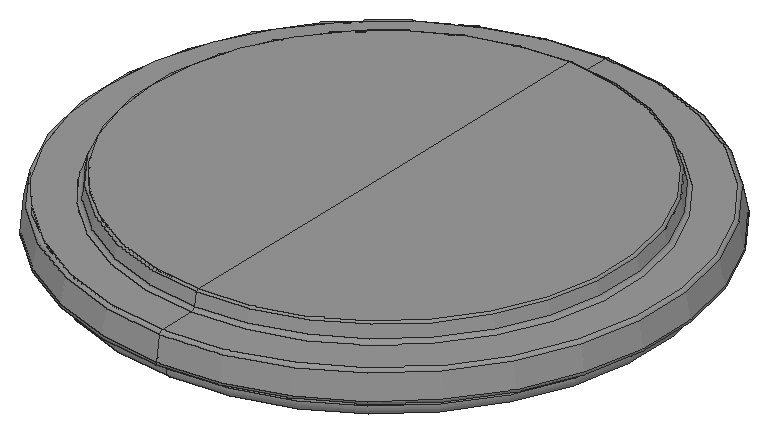
Revit family "FMK13_63_UN_Surface-mounted_ETK", category Lighting Fixtures, Revit 2017 (continued)
Definition of nested family "FMK.1 - Lightsource"
  Types (13, lengths in mm): name | Wattage Comments | Photometric Web File | built-in parameter 1150142 | Apparent Load
    FMK.1139.10N - Ø250x48 / 12W | "12W" | "FMK.1139.10n.ies" | "IESNA:LM-63-2002\r\n[TEST] /2015\r\n[TESTLAB] ies2eulumdat.appspot.com\r\n[ISSUEDATE] 2021-06-16T09:00:21.829\r\n[MANUFAC] www.etk.nl\r\n[LUMCAT] FMK.1109.10\r\n[LUMINAIRE] FMK.1 LED 12W 3000/4000/5700K ø250 niet dimbaar\r\n[LAMPCAT] LED\r\n[LAMP] LED\r\nTILT=NONE\r\n1\t1150\t1\t46\t180\t1\t2\t-0.250\t-0.250\t0\r\n1.0\t1.0\t11.80\r\n0\t 2\t 4\t 6\t 8\t 10\t 12\t 14\t 16\t 18\r\n20\t 22\t 24\t 26\t 28\t 30\t 32\t 34\t 36\t 38\r\n40\t 42\t 44\t 46\t 48\t 50\t 52\t 54\t 56\t 58\r\n60\t 62\t 64\t 66\t 68\t 70\t 72\t 74\t 76\t 78\r\n80\t 82\t 84\t 86\t 88\t 90\r\n0\t 2\t 4\t 6\t 8\t 10\t 12\t 14\t 16\t 18\r\n20\t 22\t 24\t 26\t 28\t 30\t 32\t 34\t 36\t 38\r\n40\t 42\t 44\t 46\t 48\t 50\t 52\t 54\t 56\t 58\r\n60\t 62\t 64\t 66\t 68\t 70\t 72\t 74\t 76\t 78\r\n80\t 82\t 84\t 86\t 88\t 90\t 92\t 94\t 96\t 98\r\n100\t 102\t 104\t 106\t 108\t 110\t 112\t 114\t 116\t 118\r\n120\t 122\t 124\t 126\t 128\t 130\t 132\t 134\t 136\t 138\r\n140\t 142\t 144\t 146\t 148\t 150\t 152\t 154\t 156\t 158\r\n160\t 162\t 164\t 166\t 168\t 170\t 172\t 174\t 176\t 178\r\n180\t 182\t 184\t 186\t 188\t 190\t 192\t 194\t 196\t 198\r\n200\t 202\t 204\t 206\t 208\t 210\t 212\t 214\t 216\t 218\r\n220\t 222\t 224\t 226\t 228\t 230\t 232\t 234\t 236\t 238\r\n240\t 242\t 244\t 246\t 248\t 250\t 252\t 254\t 256\t 258\r\n260\t 262\t 264\t 266\t 268\t 270\t 272\t 274\t 276\t 278\r\n280\t 282\t 284\t 286\t 288\t 290\t 292\t 294\t 296\t 298\r\n300\t 302\t 304\t 306\t 308\t 310\t 312\t 314\t 316\t 318\r\n320\t 322\t 324\t 326\t 328\t 330\t 332\t 334\t 336\t 338\r\n340\t 342\t 344\t 346\t 348\t 350\t 352\t 354\t 356\t 358\r\n\r\n405.3384\t404.7765\t404.2265\t402.9975\t401.1013\t399.2051\t395.3191\t391.4331\t387.5471\t383.661\r\n379.7751\t373.4779\t367.169\t360.8717\t354.5746\t348.2657\t339.7094\t331.1415\t322.5852\t314.029\r\n305.461\t294.8096\t284.1582\t273.5069\t262.8555\t252.2041\t239.7267\t227.261\t214.7837\t202.3181\r\n189.8525\t177.3751\t164.9094\t152.432\t139.9664\t127.4891\t0\t0\t0\t0\r\n0\t0\t0\t0\t0\t0\r\n405.3384\t404.7925\t404.2577\t403.0448\t401.1686\t399.2994\t395.4335\t391.5606\t387.7102\t383.8203\r\n379.9334\t373.6444\t367.3443\t361.0453\t354.7325\t348.4388\t339.8983\t331.3616\t322.8117\t314.2627\r\n305.722\t295.0872\t284.4404\t273.8022\t263.1576\t252.5163\t240.0548\t227.5873\t215.131\t202.664\r\n190.1945\t177.7378\t165.2697\t152.8012\t140.3312\t128.1946\t0.3296\t0\t0\t0\r\n0\t0\t0\t0\t0\t0\r\n405.3384\t404.8094\t404.2892\t403.0935\t401.2796\t399.4809\t395.6213\t391.7396\t387.8385\t383.9437\r\n380.072\t373.802\t367.5085\t361.2065\t354.9129\t348.6531\t340.137\t331.5961\t323.0451\t314.5012\r\n305.9895\t295.3818\t284.734\t274.0862\t263.4264\t252.8071\t240.376\t227.9231\t215.4572\t202.995\r\n190.53\t178.0631\t165.6056\t153.1389\t140.6717\t129.4859\t1.3419\t0\t0\t0\r\n0\t0\t0\t0\t0\t0\r\n405.3384\t404.8271\t404.3209\t403.1488\t401.3532\t399.5783\t395.7291\t391.8382\t387.9181\t384.0265\r\n380.1901\t373.9544\t367.6616\t361.3486\t355.0482\t348.8012\t340.3437\t331.8018\t323.2501\t314.6929\r\n306.2129\t295.662\t285.012\t274.3604\t263.7094\t253.1247\t240.74\t228.2758\t215.8122\t203.3491\r\n190.8749\t178.4127\t165.9503\t153.4898\t141.027\t131.3458\t3.1025\t0\t0\t0\r\n0\t0\t0\t0\t0\t0\r\n405.3384\t404.8458\t404.3591\t403.1978\t401.4167\t399.6486\t395.7816\t391.8937\t388.0038\t384.1068\r\n380.2987\t374.1143\t367.817\t361.5156\t355.2003\t348.9967\t340.5979\t332.043\t323.4957\t314.942\r\n306.4955\t295.9896\t285.3021\t274.6328\t263.9659\t253.4202\t241.0823\t228.6129\t216.1591\t203.6915\r\n191.2234\t178.7558\t166.3001\t153.8352\t141.371\t133.6544\t5.718\t0\t0\t0\r\n0\t0\t0\t0\t0\t0\r\n405.3384\t404.8652\t404.3908\t403.2459\t401.4706\t399.6646\t395.8675\t391.9843\t388.0857\t384.1821\r\n380.4316\t374.3456\t368.0256\t361.7021\t355.3697\t349.2\t340.8799\t332.2872\t323.6935\t315.0968\r\n306.6804\t296.3012\t285.6181\t274.9391\t264.248\t253.707\t241.4578\t228.9766\t216.4988\t204.0245\r\n191.5571\t179.0864\t166.6186\t154.1544\t141.6922\t136.24\t9.3369\t0\t0\t0\r\n0\t0\t0\t0\t0\t0\r\n405.3384\t404.8854\t404.4219\t403.2933\t401.5055\t399.7186\t395.9651\t392.0842\t388.1903\t384.3067\r\n380.5784\t374.5562\t368.2162\t361.8639\t355.4958\t349.3364\t341.1183\t332.5123\t323.9013\t315.2964\r\n306.9063\t296.6299\t285.9122\t275.1976\t264.4831\t253.9575\t241.8218\t229.3201\t216.8328\t204.3396\r\n191.8483\t179.3695\t166.8926\t154.4222\t141.9565\t138.8551\t14.1501\t0\t0\t0\r\n0\t0\t0\t0\t0\t0\r\n405.3384\t404.9066\t404.4521\t403.3398\t401.5506\t399.7766\t396.0731\t392.2029\t388.3231\t384.3922\r\n380.6589\t374.7488\t368.3792\t361.9898\t355.5837\t349.4181\t341.3685\t332.7528\t324.1099\t315.4532\r\n307.0598\t296.9581\t286.2249\t275.4731\t264.7159\t254.1799\t242.1928\t229.6762\t217.1659\t204.6692\r\n192.1717\t179.6758\t167.1817\t154.6978\t142.2295\t141.3105\t20.401\t0\t0\t0\r\n0\t0\t0\t0\t0\t0\r\n405.3384\t404.9688\t404.4817\t403.3908\t401.5946\t399.8358\t396.2032\t392.3475\t388.4203\t384.4425\r\n380.7195\t374.9437\t368.5473\t362.1238\t355.6851\t349.5134\t341.9282\t332.9785\t324.3069\t315.6402\r\n306.9436\t297.5694\t286.5262\t275.7395\t264.9593\t254.1623\t242.7912\t230.0358\t217.5005\t204.986\r\n192.4711\t179.9636\t167.4644\t154.9748\t142.4941\t143.2492\t28.3764\t0\t0\t0\r\n0\t0\t0\t0\t0\t0\r\n405.3384\t404.9901\t404.5102\t403.434\t401.6375\t399.8986\t396.3675\t392.4653\t388.4946\t384.4886\r\n380.7515\t375.1532\t368.7296\t362.2829\t355.7949\t349.2691\t342.1908\t333.257\t324.528\t315.7751\r\n307.0363\t297.9246\t286.8722\t276.0236\t265.1733\t254.3419\t243.18\t230.433\t217.8766\t205.3224\r\n192.7845\t180.2462\t167.7206\t155.2142\t142.724\t144.3059\t38.4235\t0\t0\t0\r\n0\t0\t0\t0\t0\t0\r\n405.3384\t405.0108\t404.5376\t403.4745\t401.6757\t399.9613\t396.5103\t392.5677\t388.5717\t384.5293\r\n380.4421\t375.6788\t368.9428\t362.4278\t355.8852\t349.3419\t342.4468\t333.4846\t324.7196\t315.9401\r\n307.1422\t298.1755\t287.1691\t276.2852\t265.4162\t254.5351\t243.54\t230.8321\t218.2158\t205.6051\r\n193.0422\t180.5018\t167.9628\t155.4439\t142.9509\t130.4715\t80.1717\t0\t0\t0\r\n0\t0\t0\t0\t0\t0\r\n405.3384\t405.0308\t404.5638\t403.5122\t401.7197\t400.0344\t396.6479\t392.675\t388.642\t384.5539\r\n380.446\t375.8849\t369.1475\t362.5941\t356.0076\t349.3402\t342.606\t333.7678\t324.9507\t316.0958\r\n307.1888\t298.3823\t287.5427\t276.5987\t265.6547\t254.6769\t243.7733\t231.1892\t218.5583\t205.9536\r\n193.3574\t180.7795\t168.2176\t155.6732\t143.1664\t130.6811\t92.6587\t0\t0\t0\r\n0\t0\t0\t0\t0\t0\r\n405.3384\t405.0504\t404.5956\t403.547\t401.7653\t400.0733\t397.0342\t392.7846\t388.7175\t384.6009\r\n380.4658\t376.0643\t369.3866\t362.7735\t356.0799\t349.3699\t342.7566\t334.0832\t325.1628\t316.2179\r\n307.2752\t298.5357\t287.9146\t276.8913\t265.8705\t254.8646\t244.0337\t231.6235\t218.9315\t206.265\r\n193.6356\t181.0339\t168.4572\t155.9156\t143.3861\t130.8825\t104.473\t0\t0\t0\r\n0\t0\t0\t0\t0\t0\r\n405.3384\t405.0692\t404.6173\t403.5726\t401.812\t400.0922\t397.1653\t392.8976\t388.795\t384.6787\r\n380.4567\t376.1942\t369.6246\t362.9226\t356.2055\t349.4272\t342.8367\t334.3769\t325.3805\t316.3703\r\n307.3625\t298.3377\t288.5546\t277.2123\t266.1258\t255.0391\t244.1559\t232.0335\t219.3073\t206.6258\r\n193.9576\t181.3129\t168.7045\t156.1324\t143.5875\t131.0872\t115.0185\t0\t0\t0\r\n0\t0\t0\t0\t0\t0\r\n405.3384\t405.0876\t404.6362\t403.6022\t401.8688\t399.828\t397.2783\t392.9976\t388.9023\t384.7385\r\n380.4432\t376.2623\t369.8607\t363.1303\t356.3361\t349.4819\t342.5273\t334.9205\t325.6274\t316.563\r\n307.4647\t298.325\t288.8953\t277.552\t266.3836\t255.2249\t244.066\t232.6598\t219.71\t206.9637\r\n194.2635\t181.5828\t168.9417\t156.3369\t143.7678\t131.2452\t123.6219\t0\t0\t0\r\n0\t0\t0\t0\t0\t0\r\n405.3384\t405.1054\t404.6527\t403.6299\t401.9954\t399.8313\t397.3825\t393.1311\t389.0376\t384.7914\r\n380.4256\t376.2601\t370.1442\t363.3441\t356.5\t349.5195\t342.4467\t335.1645\t325.9313\t316.7695\r\n307.548\t298.3169\t289.1161\t277.9297\t266.651\t255.4032\t244.1853\t232.9715\t220.1319\t207.3312\r\n194.5444\t181.8166\t169.148\t156.5181\t143.9438\t131.4005\t129.5504\t10.7169\t0\t0\r\n0\t0\t0\t0\t0\t0\r\n405.3384\t405.1227\t404.6665\t403.6558\t402.0282\t399.8387\t397.4732\t393.2952\t389.1616\t384.8421\r\n380.4176\t375.9014\t370.721\t363.6037\t356.6569\t349.5494\t342.4061\t335.3294\t326.2421\t316.9739\r\n307.6665\t298.3454\t289.1781\t278.2878\t266.963\t255.6467\t244.3238\t233.1536\t220.5163\t207.6577\r\n194.8355\t182.0686\t169.3482\t156.6677\t144.0408\t131.4715\t131.8453\t25.923\t0\t0\r\n0\t0\t0\t0\t0\t0\r\n405.3384\t405.1396\t404.6776\t403.6776\t402.0538\t399.8619\t397.5341\t393.5083\t389.2881\t384.8846\r\n380.4261\t375.832\t370.9139\t363.9038\t356.8028\t349.6355\t342.4017\t335.332\t326.5796\t317.2212\r\n307.8198\t298.3417\t288.8594\t278.9905\t267.339\t255.8866\t244.4302\t233.0061\t221.1259\t208.0094\r\n195.1274\t182.2902\t169.5075\t156.7928\t144.1389\t131.538\t118.9821\t72.5747\t0\t0\r\n0\t0\t0\t0\t0\t0\r\n405.3384\t405.1559\t404.686\t403.7113\t402.0482\t399.882\t397.6063\t393.7003\t389.4083\t384.9648\r\n380.4586\t375.7543\t371.0891\t364.165\t357.0131\t349.7518\t342.4103\t334.9484\t327.1548\t317.4999\r\n307.9709\t298.3923\t288.8332\t279.2321\t267.7019\t256.1485\t244.593\t233.049\t221.4516\t208.379\r\n195.4187\t182.5259\t169.6952\t156.9157\t144.2105\t131.5685\t118.9925\t91.6472\t0\t0\r\n0\t0\t0\t0\t0\t0\r\n405.3384\t405.1718\t404.6918\t403.7304\t402.0748\t399.9057\t397.6713\t393.8957\t389.5114\t385.088\r\n380.4979\t375.7076\t371.0587\t364.4889\t357.2386\t349.9042\t342.4218\t334.8539\t327.2884\t317.8216\r\n308.1836\t298.5219\t288.784\t279.2695\t268.1369\t256.4569\t244.7869\t233.1079\t221.6219\t208.7797\r\n195.7476\t182.7712\t169.842\t157.0084\t144.2669\t131.5897\t118.9856\t106.3522\t0\t0\r\n0\t0\t0\t0\t0\t0\r\n405.3384\t405.1872\t404.677\t403.7455\t402.1069\t399.9332\t397.7438\t394.3242\t389.6719\t385.2237\r\n380.5442\t375.6807\t370.6129\t365.0631\t357.5309\t350.0674\t342.4859\t334.7817\t327.2448\t318.4473\r\n308.4635\t298.6371\t288.784\t278.8955\t268.7927\t256.8209\t244.9966\t233.2361\t221.4851\t209.3772\r\n196.0586\t182.9925\t170.014\t157.1221\t144.303\t131.5659\t118.922\t115.4507\t0.7529\t0\r\n0\t0\t0\t0\t0\t0\r\n405.3384\t405.2023\t404.5924\t403.7567\t402.1445\t399.9518\t397.5215\t394.4699\t389.8906\t385.382\r\n380.6063\t375.6074\t370.4961\t365.1827\t357.8531\t350.2794\t342.5728\t334.767\t326.8088\t318.7303\r\n308.7717\t298.8224\t288.8326\t278.8036\t268.8778\t257.2662\t245.3121\t233.3885\t221.4719\t209.6291\r\n196.4163\t183.2663\t170.1886\t157.217\t144.3317\t131.5459\t118.8227\t106.1876\t17.4697\t0\r\n0\t0\t0\t0\t0\t0\r\n405.3384\t405.217\t404.5944\t403.7643\t402.2164\t399.9969\t397.5215\t394.5348\t390.1198\t385.5481\r\n380.6842\t375.579\t370.3695\t365.1761\t358.5091\t350.5396\t342.7377\t334.7731\t326.7113\t318.7291\r\n309.1553\t299.0695\t288.9289\t278.7193\t268.5571\t257.9194\t245.6422\t233.5555\t221.5159\t209.6959\r\n196.8141\t183.564\t170.3986\t157.3153\t144.3298\t131.4311\t118.6433\t105.963\t65.2493\t0\r\n0\t0\t0\t0\t0\t0\r\n405.3384\t405.2314\t404.597\t403.7683\t402.259\t400.1387\t397.5142\t394.6254\t390.3718\t385.7346\r\n380.7618\t375.6336\t370.2359\t364.7113\t358.7633\t350.8369\t342.942\t334.8576\t326.6208\t318.2983\r\n309.7123\t299.3766\t289.0811\t278.7695\t268.3526\t258.0866\t246.0418\t233.822\t221.6258\t209.5032\r\n197.3492\t183.8918\t170.5912\t157.4067\t144.3357\t131.3476\t118.48\t105.7362\t86.9291\t0\r\n0\t0\t0\t0\t0\t0\r\n405.3384\t405.2454\t404.6007\t403.7691\t402.2969\t400.2013\t397.5194\t394.7022\t390.8756\t385.9297\r\n380.8283\t375.6809\t370.2029\t364.5257\t358.7975\t351.2443\t343.1931\t334.9798\t326.6184\t318.1094\r\n309.6994\t299.7814\t289.3562\t278.8261\t268.235\t257.6488\t246.725\t234.1375\t221.8235\t209.5282\r\n197.4412\t184.2693\t170.8692\t157.5318\t144.3183\t131.2485\t118.3192\t105.4985\t99.8452\t0\r\n0\t0\t0\t0\t0\t0\r\n405.3384\t405.2465\t404.6055\t403.7327\t402.33\t400.28\t397.5374\t394.7758\t391.1064\t386.1222\r\n380.9814\t375.6963\t370.1916\t364.3689\t358.3019\t351.8681\t343.551\t335.1761\t326.6651\t318.0094\r\n309.224\t300.3263\t289.676\t278.9673\t268.2109\t257.4449\t246.79\t234.5954\t222.0662\t209.6096\r\n197.2538\t184.796\t171.1111\t157.6776\t144.3725\t131.1929\t118.1378\t105.2239\t92.4606\t7.417\r\n0\t0\t0\t0\t0\t0\r\n405.3384\t405.26\t404.6117\t403.7331\t402.3583\t400.3318\t397.5727\t394.5667\t391.2865\t386.3445\r\n381.2477\t375.7985\t370.1959\t364.244\t358.0878\t351.9228\t343.9437\t335.4465\t326.8059\t317.9911\r\n309.0489\t300.2024\t290.2985\t279.2004\t268.2951\t257.2789\t246.344\t235.2056\t222.4167\t209.7955\r\n197.2042\t184.8605\t171.4948\t157.9091\t144.4487\t131.1247\t117.9609\t104.9565\t92.1149\t52.9313\r\n0\t0\t0\t0\t0\t0\r\n405.3384\t405.2736\t404.6193\t403.7351\t402.3811\t400.3748\t397.6302\t394.5872\t391.3781\t386.8119\r\n381.4951\t375.9993\t370.2514\t364.1293\t357.9116\t351.3889\t344.5079\t335.822\t327.0416\t318.0736\r\n308.9557\t299.6921\t290.3569\t279.5927\t268.421\t257.3226\t246.1\t234.903\t222.8814\t210.0311\r\n197.2958\t184.6475\t172.0079\t158.165\t144.5452\t131.0796\t117.7978\t104.7315\t91.8426\t76.8551\r\n0\t0\t0\t0\t0\t0\r\n405.3384\t405.2871\t404.6284\t403.7382\t402.383\t400.4092\t397.8019\t394.6157\t391.382\t386.9759\r\n381.7537\t376.2214\t370.3501\t364.1175\t357.7917\t351.1064\t344.4201\t336.5393\t327.3814\t318.2587\r\n308.9705\t299.4656\t289.8818\t280.0753\t268.8078\t257.4031\t245.984\t234.5829\t223.2864\t210.4452\r\n197.4796\t184.6232\t171.8738\t158.4916\t144.6856\t131.1101\t117.7175\t104.5034\t91.5471\t87.0893\r\n0\t0\t0\t0\t0\t0\r\n405.3384\t405.3008\t404.6392\t403.7418\t402.3989\t400.4352\t397.8747\t394.6614\t391.0674\t387.1128\r\n382.2229\t376.4632\t370.4832\t364.2203\t357.7251\t350.8963\t343.8101\t336.6669\t327.8215\t318.561\r\n309.1145\t299.4337\t289.6313\t279.6987\t269.4041\t257.6346\t246.0417\t234.3777\t222.7877\t211.0609\r\n197.8041\t184.6956\t171.7174\t158.9026\t144.9461\t131.1605\t117.657\t104.3263\t91.2411\t78.3968\r\n8.6356\t0\t0\t0\t0\t0\r\n405.3384\t405.3146\t404.6518\t403.7453\t402.4116\t400.4333\t397.9374\t394.7255\t391.0189\t387.2362\r\n382.4741\t376.7553\t370.621\t364.3583\t357.712\t350.7498\t343.5434\t336.0689\t328.3754\t318.9975\r\n309.3575\t299.5473\t289.484\t279.3984\t269.2587\t258.261\t246.2079\t234.3624\t222.4746\t210.6739\r\n198.3975\t184.9162\t171.7187\t158.643\t145.2545\t131.3415\t117.6016\t104.16\t90.981\t78.0548\r\n54.1337\t0\t0\t0\t0\t0\r\n405.3384\t405.4889\t404.6945\t403.6712\t402.4205\t400.4506\t397.9834\t394.8928\t390.9998\t386.973\r\n382.6577\t377.3141\t370.8707\t364.5641\t357.7877\t350.7046\t343.3801\t335.7208\t327.8525\t319.6767\r\n309.7968\t299.7787\t289.6134\t279.2245\t268.6962\t258.2578\t246.6038\t234.4814\t222.3847\t210.2821\r\n198.4381\t185.3347\t171.8446\t158.564\t145.4985\t131.5442\t117.6455\t104.0124\t90.7095\t77.7184\r\n71.0115\t0\t0\t0\t0\t0\r\n405.3384\t405.5009\t404.7104\t403.6809\t402.4254\t400.4644\t398.0198\t394.9896\t391.014\t386.9406\r\n382.6666\t377.537\t371.2201\t364.837\t357.9545\t350.7593\t343.2926\t335.5022\t327.46\t319.1538\r\n310.4783\t300.1684\t289.8497\t279.2431\t268.5397\t257.661\t246.8589\t234.8353\t222.4783\t210.092\r\n197.8192\t185.7046\t172.2109\t158.5712\t145.1721\t131.9025\t117.7262\t103.9048\t90.5045\t77.4349\r\n64.724\t0\t0\t0\t0\t0\r\n405.3384\t405.512\t404.7274\t403.6949\t402.4256\t400.4737\t398.0459\t395.0319\t391.1349\t386.9314\r\n382.368\t377.565\t371.7894\t365.1647\t358.2122\t350.925\t343.2805\t335.4297\t327.1908\t318.7224\r\n309.9642\t300.886\t290.2777\t279.5029\t268.5805\t257.4726\t246.2239\t235.0727\t222.7881\t210.1727\r\n197.5617\t185.0625\t172.6371\t158.8143\t145.0846\t131.6118\t117.8827\t103.9322\t90.3265\t77.1744\r\n64.48\t35.0653\t0\t0\t0\t0\r\n405.3384\t405.522\t404.7455\t403.7452\t402.4209\t400.4773\t398.0588\t395.0488\t391.1753\t387.0135\r\n382.3352\t377.2242\t371.9159\t365.7147\t358.5534\t351.2243\t343.4254\t335.4792\t327.0606\t318.4772\r\n309.4696\t300.3065\t290.8705\t280.0089\t268.8629\t257.5392\t246.0377\t234.4621\t222.8965\t210.6316\r\n197.5873\t184.7291\t171.9505\t159.2993\t145.2866\t131.4601\t118.0115\t103.9741\t90.2222\t76.9361\r\n64.1798\t56.618\t0\t0\t0\t0\r\n405.3384\t405.5308\t404.7649\t403.7651\t402.3395\t400.4737\t398.0593\t395.0424\t391.207\t387.0567\r\n382.3506\t377.1527\t371.6378\t365.821\t359.1154\t351.6039\t343.7387\t335.6237\t327.116\t318.3892\r\n309.185\t299.8538\t290.1589\t280.4669\t269.6277\t257.8645\t246.1541\t234.2897\t222.3665\t210.3175\r\n198.0481\t184.7232\t171.6272\t158.6683\t145.768\t131.577\t117.6798\t104.1455\t90.1031\t76.7097\r\n63.9092\t51.7004\t0\t0\t0\t0\r\n405.3384\t405.5388\t404.7856\t403.7878\t402.34\t400.4766\t398.0469\t395.016\t391.2276\t387.086\r\n382.4782\t377.1848\t371.6139\t365.5258\t359.2193\t352.1252\t344.383\t335.9209\t327.3527\t318.4608\r\n309.1505\t299.601\t289.7392\t279.6691\t269.2868\t258.5846\t246.5891\t234.456\t222.2595\t209.9698\r\n197.5743\t185.146\t171.655\t158.2647\t145.101\t132.0467\t117.7168\t103.7776\t90.1162\t76.5416\r\n63.6537\t51.4481\t11.4644\t0\t0\t0\r\n405.3384\t405.5455\t404.8079\t403.8136\t402.3469\t400.3632\t398.021\t394.9736\t391.2361\t387.0991\r\n382.4999\t377.3413\t371.7228\t365.4801\t358.9167\t352.0852\t344.7107\t336.4982\t327.7775\t318.7203\r\n309.3167\t299.5744\t289.5996\t279.3072\t268.7148\t257.8887\t247.047\t235.2639\t222.5436\t209.9771\r\n197.2699\t184.5597\t171.885\t158.2865\t144.6692\t131.337\t118.1829\t103.7905\t89.9666\t76.4265\r\n63.4089\t51.1676\t44.0861\t0\t0\t0\r\n405.3384\t405.5513\t404.9774\t403.8429\t402.3609\t400.3505\t397.8886\t394.8898\t391.2407\t387.0953\r\n382.4979\t377.3824\t371.7634\t365.5989\t358.905\t351.812\t344.4396\t336.63\t328.3847\t319.3177\r\n309.7407\t299.8087\t289.728\t279.2246\t268.459\t257.4328\t246.1417\t234.7065\t223.2024\t210.4254\r\n197.4644\t184.3923\t171.2764\t158.1367\t144.9817\t130.9885\t117.4819\t104.1949\t89.9202\t76.3115\r\n63.1698\t50.8615\t39.4911\t0\t0\t0\r\n405.3384\t405.5559\t404.9992\t403.8756\t402.382\t400.349\t397.8573\t394.7468\t391.2145\t387.0848\r\n382.4587\t377.3893\t371.7642\t365.6347\t359.0468\t351.9462\t344.3869\t336.3706\t328.1386\t319.4674\r\n310.3444\t300.4744\t290.1739\t279.4322\t268.5321\t257.3547\t245.836\t234.1207\t222.3374\t210.1954\r\n198.078\t184.7804\t171.3331\t157.8412\t144.3958\t131.1966\t117.2105\t103.4803\t90.2145\t76.2405\r\n62.9998\t50.5463\t39.207\t5.7837\t0\t0\r\n
